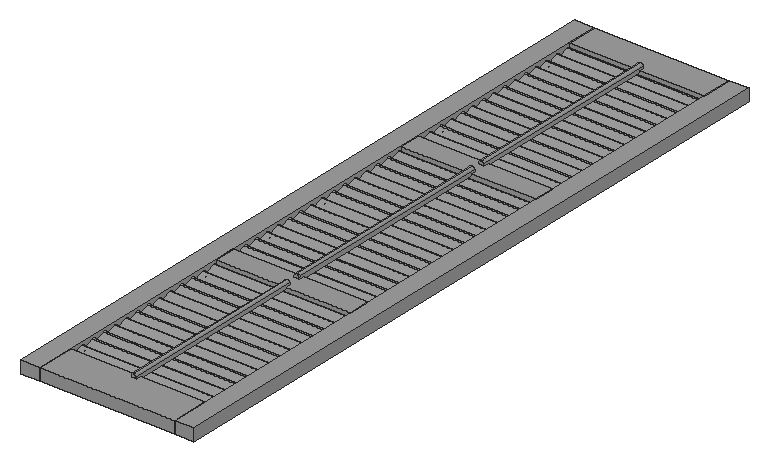
Revit family "Louver Classic 3 Panel", category Generic Models, Revit 2017
Family settings
  Can host rebar = No
  Round Connector Dimension = Use Diameter
  Part Type = Normal
  Work Plane-Based = Yes
  Always vertical = No
  Cut with Voids When Loaded = No
  Shared = No
  Room Calculation Point = No
Parameters
  URL = "www.newhorizonshutters.com"
  Type Comments = "**** All dimensions and configurations to be approved by NHSI ****"
  Top Rail = 0' - 3 1/4"
  Tilt Rod 3 = yes
  Tilt Rod 2 = yes
  ShutterThickness = 0' - 1 1/4"
  Shutter Width = 1' - 6"
  Shutter Height = 6' - 0"
  Tilt Rod 1 = yes
  Model = "Louver Classic"
  Mid Rail 2 Height = 4' - 0"
  Mid Rail 2 = 0' - 2 1/4"
  Mid Rail 1 Height = 2' - 0"
  Mid Rail 1 = 0' - 2 1/4"
  Manufacturer = "New Horizon Shutters"
  Louver Section 2 = Mid Rail 2 Height - Mid Rail 1 Height - (Mid Rail 1 * 0.5) - (Mid Rail 2 * 0.5) - 0' 1 3/4"  # 1' - 8"
  Louver Section 1 = Mid Rail 1 Height - Bottom Rail - Mid Rail 1 * 0.5 - 0' 1 3/4"  # 1' - 5 1/8"
  Louver Section 3 = Shutter Height - Mid Rail 2 Height - Top Rail - (Mid Rail 2 * 0.5) - 0' 1 3/4"  # 1' - 5 7/8"
  Louver Length = Shutter Width - 0' 4"  # 1' - 2"
  Finish Color = Default
  Default Elevation = 4' - 0"
  Bottom Rail = 0' - 4"
Reference planes (in)
  plane 1 "Center (Front/Back)": y = 0
  plane 2: z = 0
  plane 3 "Center (Left/Right)": x = 0
  plane 4: x = 9
  plane 5: x = -9
  plane 6: y = 72
  plane 7: z = 1.25
  plane 8: z = 0.625
  plane 9: x = -7
  plane 10: x = 7
  plane 11: y = 68.75
  plane 12: y = 4
  plane 13: y = 4.875
  plane 14: z = 0.77183
  plane 15: z = 0.47817
  plane 16: y = 3.5
  plane 17: y = 69.25
  plane 18: y = 24
  plane 19: y = 48
  plane 20: y = 25.125
  plane 21: y = 22.875
  plane 22: y = 49.125
  plane 23: y = 46.875
  plane 24: y = 22
  plane 25: y = 26
  plane 26: y = 46
  plane 27: y = 50
  plane 28: z = 0.77183
  plane 29: z = 0.47817
  plane 30: y = 48.625
  plane 31: y = 47.375
  plane 32: y = 24.625
  plane 33: y = 23.375
Forms (in)
  Extrusion 1, solid, material "Default" <- "Finish Color"
    sketch origin (0, 0, 0) x (1, 0, 0) y (0, 1, 0)
      loop
        line (-9, 72) -> (-9, 0) -> (-7, 0) -> (-7, 72) -> (-9, 72)
    from 0 to 1.25
  Extrusion 2, solid, material "Default" <- "Finish Color"
    sketch origin (0, 0, 0) x (-1, 0, 0) y (0, -1, 0)
      loop
        line (-9, -72) -> (-7, -72) -> (-7, 0) -> (-9, 0) -> (-9, -72)
    from 0 to 1.25
  Extrusion 3, solid, material "Default" <- "Finish Color"
    sketch origin (0, 0, 0) x (1, 0, 0) y (0, 1, 0)
      loop
        line (-7, 68.75) -> (7, 68.75) -> (7, 72) -> (-7, 72) -> (-7, 68.75)
      loop
        line (-7, 0) -> (7, 0) -> (7, 4) -> (-7, 4) -> (-7, 0)
    from 0 to 1.25
  Extrusion 4, solid, material "Default" <- "Finish Color"
    sketch origin (0, 0, 0) x (1, 0, 0) y (0, 1, 0)
      loop
        line (-7, 46.875) -> (7, 46.875) -> (7, 49.125) -> (-7, 49.125) -> (-7, 46.875)
      loop
        line (-7, 22.875) -> (7, 22.875) -> (7, 25.125) -> (-7, 25.125) -> (-7, 22.875)
    from 0 to 1.25
  Extrusion 5, solid, material "Default" <- "Finish Color", visible <- "Tilt Rod 2"
    sketch origin (0, 0, 0) x (1, 0, 0) y (0, 0, 1)
      loop
        arc (0.2486, 1.38491) -> (0.17789, 1.5556) -> (0.0072, 1.62631) r 0.2414
        arc (0.0072, 1.62631) -> (-0.17282, 1.56093) -> (-0.24872, 1.38509) r 0.24164
        line (-0.24872, 1.38509) -> (-0.24872, 1) -> (0.2486, 1) -> (0.2486, 1.38491)
    from -47.375 to -24.625
  Extrusion 6, solid, material "Default" <- "Finish Color", visible <- "Tilt Rod 1"
    sketch origin (0, 0, 0) x (1, 0, 0) y (0, 0, 1)
      loop
        arc (0.2486, 1.38491) -> (0.17789, 1.5556) -> (0.0072, 1.62631) r 0.2414
        arc (0.0072, 1.62631) -> (-0.17282, 1.56093) -> (-0.24872, 1.38509) r 0.24164
        line (-0.24872, 1.38509) -> (-0.24872, 1) -> (0.2486, 1) -> (0.2486, 1.38491)
    from -23.375 to -3.5
  Extrusion 7, solid, material "Default" <- "Finish Color", visible <- "Tilt Rod 3"
    sketch origin (0, 0, 0) x (1, 0, 0) y (0, 0, 1)
      loop
        arc (0.2486, 1.38491) -> (0.17789, 1.5556) -> (0.0072, 1.62631) r 0.2414
        arc (0.0072, 1.62631) -> (-0.17282, 1.56093) -> (-0.24872, 1.38509) r 0.24164
        line (-0.24872, 1.38509) -> (-0.24872, 1) -> (0.2486, 1) -> (0.2486, 1.38491)
    from -69.25 to -48.625
Dimensions and locks (in)
  equal spacing: plane 5, plane 3 "Center (Left/Right)", plane 4
  "Shutter Width": plane 5 to plane 4
  "Shutter Height": plane 1 "Center (Front/Back)" to plane 6
  equal spacing: plane 7, plane 8, level
  "ShutterThickness": plane 7 to level
  plane 1 "Center (Front/Back)" to Extrusion 1 = 6' - 0"
  locked: plane 5 to plane 9 at 2
  locked: plane 10 to plane 4 at 2
  "Top Rail": plane 6 to plane 11
  "Bottom Rail": plane 1 "Center (Front/Back)" to plane 12
  locked: plane 13 to plane 12 at 0.875
  equal spacing: plane 14, plane 8, plane 15, locked at 0.14683 each
  locked: plane 12 to plane 16 at 0.5
  locked: plane 17 to plane 11 at 0.5
  "Mid Rail 1 Height": plane 1 "Center (Front/Back)" to plane 18
  "Mid Rail 2 Height": plane 1 "Center (Front/Back)" to plane 19
  equal spacing: plane 20, plane 18, plane 21
  equal spacing: plane 22, plane 19, plane 23
  "Mid Rail 2": plane 22 to plane 23
  "Mid Rail 1": plane 20 to plane 21
  locked: plane 27 to plane 22 at 0.875
  locked: plane 23 to plane 26 at 0.875
  locked: plane 25 to plane 20 at 0.875
  locked: plane 21 to plane 24 at 0.875
  equal spacing: plane 28, plane 8, plane 29
  locked: plane 22 to plane 30 at 0.5
  locked: plane 31 to plane 23 at 0.5
  locked: plane 20 to plane 32 at 0.5
  locked: plane 33 to plane 21 at 0.5
  aligned and locked: plane 2 to level
  aligned and locked: Extrusion 1 sketch curve to plane 6
  aligned and locked: plane 5 to Extrusion 1 sketch curve
  aligned and locked: Extrusion 1 sketch curve to plane 1 "Center (Front/Back)"
  aligned and locked: Extrusion 1 to level
  aligned and locked: plane 7 to Extrusion 1
  aligned and locked: plane 9 to Extrusion 1
  aligned and locked: Extrusion 2 to plane 10
  aligned and locked: plane 8 to nested 1
  aligned and locked: nested 1 to plane 13
  aligned and locked: nested 1 to plane 3 "Center (Left/Right)"
  aligned and locked: Extrusion 3 sketch curve to plane 11
  aligned and locked: Extrusion 3 sketch curve to plane 9
  aligned and locked: Extrusion 2 to Extrusion 3 sketch curve
  aligned and locked: Extrusion 3 sketch curve to Extrusion 2
  aligned and locked: Extrusion 1 to Extrusion 3 sketch curve
  aligned and locked: Extrusion 3 sketch curve to Extrusion 1
  aligned and locked: plane 12 to Extrusion 3 sketch curve
  aligned and locked: plane 10 to Extrusion 3 sketch curve
  aligned and locked: Extrusion 3 to level
  aligned and locked: Extrusion 3 to Extrusion 1
  aligned and locked: plane 8 to nested 2
  aligned and locked: nested 2 to plane 25
  aligned and locked: nested 2 to plane 3 "Center (Left/Right)"
  aligned and locked: nested 3 to plane 27
  aligned and locked: nested 3 to plane 3 "Center (Left/Right)"
  aligned and locked: Extrusion 2 to level
  aligned and locked: Extrusion 4 sketch curve to plane 23
  aligned and locked: Extrusion 4 sketch curve to plane 9  (x2)
  aligned and locked: plane 22 to Extrusion 4 sketch curve
  aligned and locked: plane 10 to Extrusion 4 sketch curve  (x2)
  aligned and locked: Extrusion 4 sketch curve to plane 21
  aligned and locked: plane 20 to Extrusion 4 sketch curve
  aligned and locked: Extrusion 4 to level
  aligned and locked: Extrusion 1 to Extrusion 4
  aligned and locked: plane 31 to Extrusion 5
  aligned and locked: Extrusion 5 to plane 32
  aligned and locked: Extrusion 6 to plane 16
  aligned and locked: plane 33 to Extrusion 6
  aligned and locked: plane 17 to Extrusion 7
  aligned and locked: Extrusion 7 to plane 30
Automatic sketch dimensions
  Extrusion 1 sketch curve to plane 9 = 0' - 0"
  plane 1 "Center (Front/Back)" to Extrusion 2 sketch curve = 0' - 0"
  Extrusion 2 sketch curve to plane 4 = 0' - 0"
  Extrusion 2 sketch curve to plane 10 = 0' - 0"
  Extrusion 2 sketch curve to plane 6 = 0' - 0"
  Extrusion 5 sketch curve to plane 3 "Center (Left/Right)" = 0' - 0.24872"
  Extrusion 5 sketch curve to plane 3 "Center (Left/Right)" = 0' - 0.00708"
  plane 3 "Center (Left/Right)" to Extrusion 5 sketch curve = 0' - 0.0072"
  plane 3 "Center (Left/Right)" to Extrusion 5 sketch curve = 0' - 0.2486"
  level to Extrusion 5 sketch curve = 0' - 1"
  level to Extrusion 5 sketch curve = 0' - 1.38491"
  Extrusion 6 sketch curve to plane 3 "Center (Left/Right)" = 0' - 0.24872"
  Extrusion 6 sketch curve to plane 3 "Center (Left/Right)" = 0' - 0.00708"
  plane 3 "Center (Left/Right)" to Extrusion 6 sketch curve = 0' - 0.0072"
  plane 3 "Center (Left/Right)" to Extrusion 6 sketch curve = 0' - 0.2486"
  level to Extrusion 6 sketch curve = 0' - 1"
  level to Extrusion 6 sketch curve = 0' - 1.38491"
  Extrusion 7 sketch curve to plane 3 "Center (Left/Right)" = 0' - 0.24872"
  Extrusion 7 sketch curve to plane 3 "Center (Left/Right)" = 0' - 0.00708"
  plane 3 "Center (Left/Right)" to Extrusion 7 sketch curve = 0' - 0.0072"
  plane 3 "Center (Left/Right)" to Extrusion 7 sketch curve = 0' - 0.2486"
  level to Extrusion 7 sketch curve = 0' - 1"
  level to Extrusion 7 sketch curve = 0' - 1.38491"
Nested families (in)
  nested 1: "Louver System 3.2" at (0, 13.4375, 0.625) x (-1, 0, 0) z (0, 0, 1), type "Louver System 3.2"
  nested 2: "Louver System 3.3" at (0, 36, 0.625) x (-1, 0, 0) z (0, 0, 1), type "Louver System 3.3"
  nested 3: "Louver System 3.4" at (0, 58.9375, 0.625) x (-1, 0, 0) z (0, 0, 1), type "Louver System 3.4"
Definition of nested family "Louver System 3.2"
  Parameters (values of type "Louver System 3.2")
    Number of Louvers = Louver Span / Louver Spacing  # 13
    Louver Span = 1' - 5 1/8"
    Louver Spacing = 0' - 1 79/256"
    Louver Length = 1' - 2"
    Finish Color = none
  Reference planes (in)
    plane 1 "Center (Front/Back)": y = 0
    plane 2: z = 0
    plane 3 "Center (Left/Right)": x = 0
    plane 4: x = -7
    plane 5: x = 7
    plane 6: y = -8.5625
    plane 7: y = 8.5625
    plane 8 "Louver Plane": z = 0
  Dimensions and locks (in)
    equal spacing: plane 4, plane 3 "Center (Left/Right)", plane 5
    equal spacing: plane 7, plane 1 "Center (Front/Back)", plane 6
    "Louver Length": plane 4 to plane 5
    equal spacing: group 2, group 13, group 12, group 11, group 10, group 9, group 8, group 7, group 6, group 5, group 4, group 3, group 1
    equal spacing: group 1, group 3, group 4, group 5, group 6, group 7, group 8, group 9, group 10, group 11, group 12, group 13, group 2  (x2)
    "Louver Span": plane 6 to plane 7
    equal spacing: plane 6, plane 1 "Center (Front/Back)", plane 7
    aligned and locked: plane 2 to level
    aligned and locked: plane 5 to nested 1
    aligned and locked: nested 2 to plane 7
    aligned and locked: nested 1 to plane 6
    aligned and locked: level to plane 8 "Louver Plane"
  Nested families (in)
    nested 1: "Louver 3 Single" at (0, -8.5625, 0), Louver Length <- "Louver Length", type "Louver 3 Single"
      with Louver Length 1' - 2"
    nested 2: "Louver 3 Single" at (0, 8.5625, 0), Louver Length <- "Louver Length", type "Louver 3 Single"
      with Louver Length 1' - 2"
    nested 3: "Louver 3 Single" at (0, -7.13542, 0), Louver Length <- "Louver Length", type "Louver 3 Single"
      with Louver Length 1' - 2"
    nested 4: "Louver 3 Single" at (0, -5.70833, 0), Louver Length <- "Louver Length", type "Louver 3 Single"
      with Louver Length 1' - 2"
    nested 5: "Louver 3 Single" at (0, -4.28125, 0), Louver Length <- "Louver Length", type "Louver 3 Single"
      with Louver Length 1' - 2"
    nested 6: "Louver 3 Single" at (0, -2.85417, 0), Louver Length <- "Louver Length", type "Louver 3 Single"
      with Louver Length 1' - 2"
    nested 7: "Louver 3 Single" at (0, -1.42708, 0), Louver Length <- "Louver Length", type "Louver 3 Single"
      with Louver Length 1' - 2"
    nested 8: "Louver 3 Single" at (0, 0, 0), Louver Length <- "Louver Length", type "Louver 3 Single"
      with Louver Length 1' - 2"
    nested 9: "Louver 3 Single" at (0, 1.42708, 0), Louver Length <- "Louver Length", type "Louver 3 Single"
      with Louver Length 1' - 2"
    nested 10: "Louver 3 Single" at (0, 2.85417, 0), Louver Length <- "Louver Length", type "Louver 3 Single"
      with Louver Length 1' - 2"
    nested 11: "Louver 3 Single" at (0, 4.28125, 0), Louver Length <- "Louver Length", type "Louver 3 Single"
      with Louver Length 1' - 2"
    nested 12: "Louver 3 Single" at (0, 5.70833, 0), Louver Length <- "Louver Length", type "Louver 3 Single"
      with Louver Length 1' - 2"
    nested 13: "Louver 3 Single" at (0, 7.13542, 0), Louver Length <- "Louver Length", type "Louver 3 Single"
      with Louver Length 1' - 2"
  Definition of nested family "Louver 3 Single"
    Parameters (values of type "Louver 3 Single")
      Louver Length [instance] = 2' - 0"
      Finish Color = none
    Reference planes (in)
      plane 1 "Center (Front/Back)": y = 0
      plane 2: z = 0
      plane 3 "Center (Left/Right)": x = 0
      plane 4: x = 12
      plane 5: x = -12
    Forms (in)
      Extrusion 1, solid, material <- "Finish Color"
        sketch origin (0, 0, 0) x (0, 1, 0) y (0, 0, 1)
          loop
            arc (0.5045, -0.3499) -> (0.70477, -0.25652) -> (0.61138, -0.05625) r 0.15625
            line (0.61138, -0.05625) -> (-0.5045, 0.3499)
            arc (-0.5045, 0.3499) -> (-0.70477, 0.25652) -> (-0.61138, 0.05625) r 0.15625
            line (-0.61138, 0.05625) -> (0.5045, -0.3499)
        from -12 to 12
    Dimensions and locks (in)
      equal spacing: plane 5, plane 3 "Center (Left/Right)", plane 4
      "Louver Length": plane 5 to plane 4
      aligned and locked: plane 2 to level
      aligned and locked: Extrusion 1 to plane 5
      aligned and locked: plane 4 to Extrusion 1
    Automatic sketch dimensions
      level to Extrusion 1 sketch curve = 0' - 0.05625"
      plane 1 "Center (Front/Back)" to Extrusion 1 sketch curve = 0' - 0.61138"
      Extrusion 1 sketch curve to Extrusion 1 sketch curve = 0' - 0.05344"  (x4)
      Extrusion 1 sketch curve to plane 1 "Center (Front/Back)" = 0' - 0.5045"
      Extrusion 1 sketch curve to level = 0' - 0.05625"
      Extrusion 1 sketch curve to Extrusion 1 sketch curve = 0' - 0.14683"  (x2)
Definition of nested family "Louver System 3.3"
  Parameters (values of type "Louver System 3.3")
    Number of Louvers = Louver Span / Louver Spacing  # 15
    Louver Span = 1' - 8"
    Louver Spacing = 0' - 1 79/256"
    Louver Length = 1' - 2"
    Finish Color = none
  Reference planes (in)
    plane 1 "Center (Front/Back)": y = 0
    plane 2: z = 0
    plane 3 "Center (Left/Right)": x = 0
    plane 4: x = -7
    plane 5: x = 7
    plane 6: y = -10
    plane 7: y = 10
    plane 8 "Louver Plane": z = 0
  Dimensions and locks (in)
    equal spacing: plane 4, plane 3 "Center (Left/Right)", plane 5
    equal spacing: plane 7, plane 1 "Center (Front/Back)", plane 6
    "Louver Length": plane 4 to plane 5
    equal spacing: group 1, group 3, group 4, group 5, group 6, group 7, group 8, group 9, group 10, group 11, group 12, group 13, group 14, group 15, group 2  (x3)
    "Louver Span": plane 6 to plane 7
    equal spacing: plane 6, plane 1 "Center (Front/Back)", plane 7
    aligned and locked: plane 2 to level
    aligned and locked: plane 5 to nested 1
    aligned and locked: nested 2 to plane 7
    aligned and locked: nested 1 to plane 6
    aligned and locked: level to plane 8 "Louver Plane"
  Nested families (in)
    nested 1: "Louver 3 Single" at (0, -10, 0), Louver Length <- "Louver Length", type "Louver 3 Single"
      with Louver Length 1' - 2"
    nested 2: "Louver 3 Single" at (0, 10, 0), Louver Length <- "Louver Length", type "Louver 3 Single"
      with Louver Length 1' - 2"
    nested 3: "Louver 3 Single" at (0, -8.57143, 0), Louver Length <- "Louver Length", type "Louver 3 Single"
      with Louver Length 1' - 2"
    nested 4: "Louver 3 Single" at (0, -7.14286, 0), Louver Length <- "Louver Length", type "Louver 3 Single"
      with Louver Length 1' - 2"
    nested 5: "Louver 3 Single" at (0, -5.71429, 0), Louver Length <- "Louver Length", type "Louver 3 Single"
      with Louver Length 1' - 2"
    nested 6: "Louver 3 Single" at (0, -4.28571, 0), Louver Length <- "Louver Length", type "Louver 3 Single"
      with Louver Length 1' - 2"
    nested 7: "Louver 3 Single" at (0, -2.85714, 0), Louver Length <- "Louver Length", type "Louver 3 Single"
      with Louver Length 1' - 2"
    nested 8: "Louver 3 Single" at (0, -1.42857, 0), Louver Length <- "Louver Length", type "Louver 3 Single"
      with Louver Length 1' - 2"
    nested 9: "Louver 3 Single" at (0, 0, 0), Louver Length <- "Louver Length", type "Louver 3 Single"
      with Louver Length 1' - 2"
    nested 10: "Louver 3 Single" at (0, 1.42857, 0), Louver Length <- "Louver Length", type "Louver 3 Single"
      with Louver Length 1' - 2"
    nested 11: "Louver 3 Single" at (0, 2.85714, 0), Louver Length <- "Louver Length", type "Louver 3 Single"
      with Louver Length 1' - 2"
    nested 12: "Louver 3 Single" at (0, 4.28571, 0), Louver Length <- "Louver Length", type "Louver 3 Single"
      with Louver Length 1' - 2"
    nested 13: "Louver 3 Single" at (0, 5.71429, 0), Louver Length <- "Louver Length", type "Louver 3 Single"
      with Louver Length 1' - 2"
    nested 14: "Louver 3 Single" at (0, 7.14286, 0), Louver Length <- "Louver Length", type "Louver 3 Single"
      with Louver Length 1' - 2"
    nested 15: "Louver 3 Single" at (0, 8.57143, 0), Louver Length <- "Louver Length", type "Louver 3 Single"
      with Louver Length 1' - 2"
  Definition of nested family "Louver 3 Single"
    Parameters (values of type "Louver 3 Single")
      Louver Length [instance] = 2' - 0"
      Finish Color = none
    Reference planes (in)
      plane 1 "Center (Front/Back)": y = 0
      plane 2: z = 0
      plane 3 "Center (Left/Right)": x = 0
      plane 4: x = 12
      plane 5: x = -12
    Forms (in)
      Extrusion 1, solid, material <- "Finish Color"
        sketch origin (0, 0, 0) x (0, 1, 0) y (0, 0, 1)
          loop
            arc (0.5045, -0.3499) -> (0.70477, -0.25652) -> (0.61138, -0.05625) r 0.15625
            line (0.61138, -0.05625) -> (-0.5045, 0.3499)
            arc (-0.5045, 0.3499) -> (-0.70477, 0.25652) -> (-0.61138, 0.05625) r 0.15625
            line (-0.61138, 0.05625) -> (0.5045, -0.3499)
        from -12 to 12
    Dimensions and locks (in)
      equal spacing: plane 5, plane 3 "Center (Left/Right)", plane 4
      "Louver Length": plane 5 to plane 4
      aligned and locked: plane 2 to level
      aligned and locked: Extrusion 1 to plane 5
      aligned and locked: plane 4 to Extrusion 1
    Automatic sketch dimensions
      level to Extrusion 1 sketch curve = 0' - 0.05625"
      plane 1 "Center (Front/Back)" to Extrusion 1 sketch curve = 0' - 0.61138"
      Extrusion 1 sketch curve to Extrusion 1 sketch curve = 0' - 0.05344"  (x4)
      Extrusion 1 sketch curve to plane 1 "Center (Front/Back)" = 0' - 0.5045"
      Extrusion 1 sketch curve to level = 0' - 0.05625"
      Extrusion 1 sketch curve to Extrusion 1 sketch curve = 0' - 0.14683"  (x2)
Definition of nested family "Louver System 3.4"
  Parameters (values of type "Louver System 3.4")
    Number of Louvers = Louver Span / Louver Spacing  # 14
    Louver Span = 1' - 5 7/8"
    Louver Spacing = 0' - 1 79/256"
    Louver Length = 1' - 2"
    Finish Color = none
  Reference planes (in)
    plane 1 "Center (Front/Back)": y = 0
    plane 2: z = 0
    plane 3 "Center (Left/Right)": x = 0
    plane 4: x = -7
    plane 5: x = 7
    plane 6: y = -8.9375
    plane 7: y = 8.9375
    plane 8 "Louver Plane": z = 0
  Dimensions and locks (in)
    equal spacing: plane 4, plane 3 "Center (Left/Right)", plane 5
    equal spacing: plane 7, plane 1 "Center (Front/Back)", plane 6
    "Louver Length": plane 4 to plane 5
    equal spacing: group 1, group 3, group 4, group 5, group 6, group 7, group 8, group 9, group 10, group 11, group 12, group 13, group 14, group 2  (x3)
    "Louver Span": plane 6 to plane 7
    equal spacing: plane 6, plane 1 "Center (Front/Back)", plane 7
    aligned and locked: plane 2 to level
    aligned and locked: plane 5 to nested 1
    aligned and locked: nested 2 to plane 7
    aligned and locked: nested 1 to plane 6
    aligned and locked: level to plane 8 "Louver Plane"
  Nested families (in)
    nested 1: "Louver 3 Single" at (0, -8.9375, 0), Louver Length <- "Louver Length", type "Louver 3 Single"
      with Louver Length 1' - 2"
    nested 2: "Louver 3 Single" at (0, 8.9375, 0), Louver Length <- "Louver Length", type "Louver 3 Single"
      with Louver Length 1' - 2"
    nested 3: "Louver 3 Single" at (0, -7.5625, 0), Louver Length <- "Louver Length", type "Louver 3 Single"
      with Louver Length 1' - 2"
    nested 4: "Louver 3 Single" at (0, -6.1875, 0), Louver Length <- "Louver Length", type "Louver 3 Single"
      with Louver Length 1' - 2"
    nested 5: "Louver 3 Single" at (0, -4.8125, 0), Louver Length <- "Louver Length", type "Louver 3 Single"
      with Louver Length 1' - 2"
    nested 6: "Louver 3 Single" at (0, -3.4375, 0), Louver Length <- "Louver Length", type "Louver 3 Single"
      with Louver Length 1' - 2"
    nested 7: "Louver 3 Single" at (0, -2.0625, 0), Louver Length <- "Louver Length", type "Louver 3 Single"
      with Louver Length 1' - 2"
    nested 8: "Louver 3 Single" at (0, -0.6875, 0), Louver Length <- "Louver Length", type "Louver 3 Single"
      with Louver Length 1' - 2"
    nested 9: "Louver 3 Single" at (0, 0.6875, 0), Louver Length <- "Louver Length", type "Louver 3 Single"
      with Louver Length 1' - 2"
    nested 10: "Louver 3 Single" at (0, 2.0625, 0), Louver Length <- "Louver Length", type "Louver 3 Single"
      with Louver Length 1' - 2"
    nested 11: "Louver 3 Single" at (0, 3.4375, 0), Louver Length <- "Louver Length", type "Louver 3 Single"
      with Louver Length 1' - 2"
    nested 12: "Louver 3 Single" at (0, 4.8125, 0), Louver Length <- "Louver Length", type "Louver 3 Single"
      with Louver Length 1' - 2"
    nested 13: "Louver 3 Single" at (0, 6.1875, 0), Louver Length <- "Louver Length", type "Louver 3 Single"
      with Louver Length 1' - 2"
    nested 14: "Louver 3 Single" at (0, 7.5625, 0), Louver Length <- "Louver Length", type "Louver 3 Single"
      with Louver Length 1' - 2"
  Definition of nested family "Louver 3 Single"
    Parameters (values of type "Louver 3 Single")
      Louver Length [instance] = 2' - 0"
      Finish Color = none
    Reference planes (in)
      plane 1 "Center (Front/Back)": y = 0
      plane 2: z = 0
      plane 3 "Center (Left/Right)": x = 0
      plane 4: x = 12
      plane 5: x = -12
    Forms (in)
      Extrusion 1, solid, material <- "Finish Color"
        sketch origin (0, 0, 0) x (0, 1, 0) y (0, 0, 1)
          loop
            arc (0.5045, -0.3499) -> (0.70477, -0.25652) -> (0.61138, -0.05625) r 0.15625
            line (0.61138, -0.05625) -> (-0.5045, 0.3499)
            arc (-0.5045, 0.3499) -> (-0.70477, 0.25652) -> (-0.61138, 0.05625) r 0.15625
            line (-0.61138, 0.05625) -> (0.5045, -0.3499)
        from -12 to 12
    Dimensions and locks (in)
      equal spacing: plane 5, plane 3 "Center (Left/Right)", plane 4
      "Louver Length": plane 5 to plane 4
      aligned and locked: plane 2 to level
      aligned and locked: Extrusion 1 to plane 5
      aligned and locked: plane 4 to Extrusion 1
    Automatic sketch dimensions
      level to Extrusion 1 sketch curve = 0' - 0.05625"
      plane 1 "Center (Front/Back)" to Extrusion 1 sketch curve = 0' - 0.61138"
      Extrusion 1 sketch curve to Extrusion 1 sketch curve = 0' - 0.05344"  (x4)
      Extrusion 1 sketch curve to plane 1 "Center (Front/Back)" = 0' - 0.5045"
      Extrusion 1 sketch curve to level = 0' - 0.05625"
      Extrusion 1 sketch curve to Extrusion 1 sketch curve = 0' - 0.14683"  (x2)
